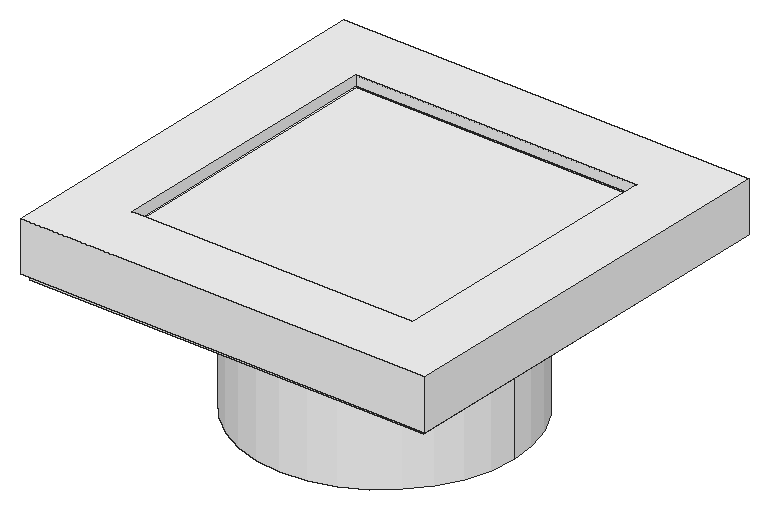
Revit family "Gira_283401", category Electrical Fixtures, host Face, Revit 2017
Family settings
  Host = Face
  Maintain Annotation Orientation = Yes
  Round Connector Dimension = Use Diameter
  Part Type = Normal
  Cut with Voids When Loaded = No
  Shared = No
  Room Calculation Point = No
Parameters (values of type "Wippschalter BS 20 AX Aus 2-p Kontroll System 55 Cremeweiß")
  Zusammenstellung = "Basiselement mit zentraler Abdeckplatte"
  White [instance] = White
  Werkstoffgüte = "sonstige"
  Werkstoff = "sonstige"
  Waschmaschinenschalter = "No"
  URL = "http://katalog.gira.de/de_DE/datenblatt.html?artikelnr=283401"
  Textfeld/Beschriftungsfläche = "nein"
  Tastschalter = "No"
  Schaltungsart = "Schalter 2-polig"
  Rückmeldekontakt = "No"
  Region = "DE"
  RAL-Nummer (ähnlich) = "1013 "
  Oberfläche = "sonstige"
  Nennspannung = "250 Volt"
  Name = "Wippschalter BS 20 AX Aus 2-p Kontroll System 55 Cremeweiß"
  Montageart = "unter Putz"
  Model = "Sys55_Komplettgerät_Schalten und Tasten"
  Mit Montageplatte = "No"
  Manufacturer URL = "https://www.gira.de/"
  HeinzeBIM = "https://bimportal.heinze.de/bim/wippschalter-bs-20-ax-aus-2-p-kontroll-system-55-cremeweiss/a660f392cd602c1f6b8e08e8bb0d852f7d8e9415"
  Halogenfrei = "Yes"
  HAN = "283401"
  Geeignet für Schutzart (IP) = "IP20"
  GTIN = "4010337078814"
  Farbe = "cremeweiß (elektroweiß)"
  Default Elevation = 1219.2 mm
  Data sheet (1) = "https://katalog.gira.de/de_DE/download.html?artikelnr=283401"
  Category = "Installationsschalter"
  Bemessungsstrom = "20 Ampere"
  Beleuchtungsfunktion = "beleuchtet wenn eingeschaltet"
  Beleuchtungsart = "sonstige"
  Beleuchtung = "ja"
  Befestigungsart = "Schraubbefestigung"
  Bedienungsart = "Wippe/Taste"
  Available = "Yes"
  Anzahl der Module (bei Modulbauweise) = "1 "
  Anzahl der Betätigungswippen = "1 "
  Anschlussart = "Schraubklemme"
Reference planes
  plane 1 "Center (Front/Back)": y = 0
  plane 2: z = 0
  plane 3 "Center (Left/Right)": x = 0
Forms (mm)
  Extrusion 1, solid, material "White" <- "White", detail levels medium
    sketch origin (0, 0, 0) x (1, 0, 0) y (0, 1, 0)
      loop
        line (-40.4, 40.4) -> (-40.4, -40.4) -> (40.4, -40.4) -> (40.4, 40.4) -> (-40.4, 40.4)
      loop
        line (-28, 28) -> (-28, -28) -> (28, -28) -> (28, 28) -> (-28, 28)
    from 0 to 10
  Extrusion 2, solid, material "White" <- "White", detail levels fine
    sketch origin (0, 0, 0) x (1, 0, 0) y (0, 1, 0)
      loop
        line (-40.4, 40.4) -> (-40.4, -40.4) -> (40.4, -40.4) -> (40.4, 40.4) -> (-40.4, 40.4)
      loop
        line (-28, 28) -> (-28, -28) -> (28, -28) -> (28, 28) -> (-28, 28)
    from 0 to 10
  Extrusion 3, void
    sketch origin (0, 0, 0) x (1, 0, 0) y (0, 1, 0)
      loop
        line (-38.4, 38.4) -> (-38.4, -38.4) -> (38.4, -38.4) -> (38.4, 38.4) -> (-38.4, 38.4)
    from 0 to 8
  Extrusion 4, solid, material "White" <- "White", detail levels medium+fine
    sketch origin (0, 0, 0) x (1, 0, 0) y (0, 1, 0)
      loop
        line (-39.4, 39.4) -> (-39.4, -39.4) -> (39.4, -39.4) -> (39.4, 39.4) -> (-39.4, 39.4)
    from 0 to -1
  Extrusion 5, solid, material "White" <- "White", detail levels medium+fine
    sketch origin (0, 0, 0) x (1, 0, 0) y (0, 1, 0)
      loop
        line (-35.5, 35.5) -> (-35.5, -35.5) -> (35.5, -35.5) -> (35.5, 35.5) -> (-35.5, 35.5)
    from -2 to -3
  Extrusion 6, solid, material "White" <- "White", detail levels medium+fine
    sketch origin (0, 0, 0) x (1, 0, 0) y (0, 1, 0)
      loop
        circle (0, 0) r 26
    from 0 to -27.5
  Extrusion 7, solid, material "White" <- "White", detail levels coarse
    sketch origin (0, 0, 0) x (1, 0, 0) y (0, 1, 0)
      loop
        line (-40.4, 40.4) -> (-40.4, -40.4) -> (40.4, -40.4) -> (40.4, 40.4) -> (-40.4, 40.4)
    from -27.5 to 10
Cuts and joins
  Extrusion 3 cuts Extrusion 2
Dimensions and locks
  aligned and locked: plane 2 to host face
  aligned and locked: level to host face
  aligned and locked: plane 3 "Center (Left/Right)" to nested 2
  aligned and locked: plane 1 "Center (Front/Back)" to nested 2
Nested families
  nested 1: "Sys55_Abdeckung_Schalten und Tasten_floor_base" at (0, 0, 0), type "Sys55_Abdeckung_Schalten und Tasten_floor_base"
  nested 2: "Schalter" at (0, 0, 0), type "Schalter"
Connectors
  electrical at (0, 0, -27.5)
    settings: on Extrusion 6, index 1, voltage 220 V, apparent load 0 VA, apparent load phase1 0 VA, apparent load phase2 0 VA, apparent load phase3 0 VA, power factor 1, load classification "Other", number of poles 1, system type 30, power factor state 1, is connector primary yes, connector utility no, sub classification motor no, connector description ""
Definition of nested family "Sys55_Abdeckung_Schalten und Tasten_floor_base"
  Parameters
    Default Elevation = 1219.2 mm
    White [instance] = none
  Reference planes
    plane 1 "Center (Front/Back)": y = 0
    plane 2: z = 0
    plane 3 "Center (Left/Right)": x = 0
  Forms (mm)
    Extrusion 1, solid
      sketch origin (0, 0, 0) x (1, 0, 0) y (0, 1, 0)
        loop
          line (-1219.2, 1219.2) -> (-1219.2, -1219.2) -> (1219.2, -1219.2) -> (1219.2, 1219.2) -> (-1219.2, 1219.2)
      from 0 to -304.8
    Extrusion 2, solid, material <- "White", detail levels fine
      sketch origin (0, 0, 0) x (1, 0, 0) y (0, 1, 0)
        loop
          line (-27.5, 27.5) -> (-27.5, -27.5) -> (27.5, -27.5) -> (27.5, 27.5) -> (-27.5, 27.5)
      from 0 to 8
    Extrusion 3, void
      sketch origin (0, 0, 0) x (1, 0, 0) y (0, 1, 0)
        loop
          line (26, 26) -> (-26, 26) -> (-26, -26) -> (26, -26) -> (26, 26)
      from 0 to 6
    Extrusion 4, solid, material <- "White", detail levels medium
      sketch origin (0, 0, 0) x (1, 0, 0) y (0, 1, 0)
        loop
          line (-27.5, 27.5) -> (-27.5, -27.5) -> (27.5, -27.5) -> (27.5, 27.5) -> (-27.5, 27.5)
      from 0 to 8
    Extrusion 5, solid, material <- "White", detail levels medium
      sketch origin (0, 0, 0) x (1, 0, 0) y (0, 1, 0)
        loop
          line (11, -17.5) -> (11, 17.5) -> (-11, 17.5) -> (-11, -17.5) -> (11, -17.5)
      from -6 to 6
    Extrusion 6, solid, material <- "White", detail levels fine
      sketch origin (0, 0, 0) x (1, 0, 0) y (0, 1, 0)
        loop
          line (11, 17.5) -> (-11, 17.5) -> (-11, 16.5) -> (11, 16.5) -> (11, 17.5)
        loop
          line (-11, -16.5) -> (-11, -17.5) -> (11, -17.5) -> (11, -16.5) -> (-11, -16.5)
      from -4 to 6
    Extrusion 7, solid, material <- "White", detail levels fine
      sketch origin (0, 0, 0) x (1, 0, 0) y (0, 1, 0)
        loop
          arc (5, 9.347) -> (0, 10.6) -> (-5, 9.347) r 10.6
          line (-5, 9.347) -> (-5, -9.347)
          arc (-5, -9.347) -> (0, -10.6) -> (5, -9.347) r 10.6
          line (5, -9.347) -> (5, 9.347)
      from -6 to 6
    Extrusion 8, solid, material <- "White", detail levels coarse
      sketch origin (0, 0, 0) x (1, 0, 0) y (0, 1, 0)
        loop
          line (-27.5, 27.5) -> (-27.5, -27.5) -> (27.5, -27.5) -> (27.5, 27.5) -> (-27.5, 27.5)
      from -6 to 8
  Cuts and joins
    Extrusion 3 cuts Extrusion 2
  Dimensions and locks
    aligned and locked: plane 2 to Extrusion 1
    aligned and locked: level to Extrusion 1
Definition of nested family "Schalter"
  Reference planes
    plane 1: y = 0
    plane 2: x = 0
  Lines and regions (mm)
    detail lines
      curve 1: circle (1.375, 2.778, 0) r 0.8 normal (0, 0, 1)
      curve 2: line (1.021, 2.061, 0) -> (0, 0, 0)
      curve 3: line (0, 0, 0) -> (-0.538, 0.266, 0)
  Dimensions and locks
    curve 2 to curve 2 = 2.3 mm
    curve 3 to curve 2 = 0.6 mm
    radius of curve 1 = 0.8 mm
